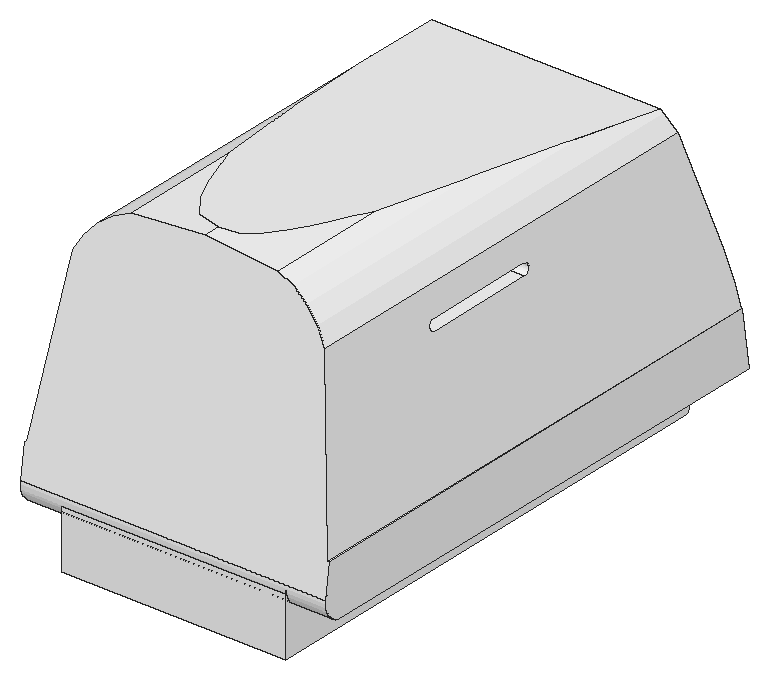
Revit family "NBS_DudleyIndustries_TltPprBulkDpnsrs_PlatinumRange_ToiletPaperDispenser", category Specialty Equipment, host Face, Revit 2016
Family settings
  Host = Face
  Part Type = Normal
  Round Connector Dimension = Use Diameter
  OmniClass Number = 23.40.20.21.21
  OmniClass Title = Toilet Paper Dispensers
  Cut with Voids When Loaded = No
  Shared = No
  Room Calculation Point = No
Parameters (values of type "PlatinumRangeToiletPaperDispenser ")
  WarrantyStartDate [instance] = "1900-12-31T23:59:59"
  WarrantyGuarantorParts = "sales@dudleyindustries.com"
  WarrantyGuarantorLabor = "n/a"
  WarrantyDurationUnit = "year"
  WarrantyDurationParts = "1"
  WarrantyDurationLabor = "n/a"
  WarrantyDescription = "1 year warranty"
  Version = "2"  # constant formula
  Uniclass2015Version = "Products v1.7"
  Uniclass2015Title = "Toilet paper dispensers"
  Uniclass2015Code = "Pr_40_70_22_90"
  TagNumber [instance] = "n/a"
  SustainabilityPerformance = "n/a"
  Style = "n/a"
  Size = "162 x 280 x 172 mm"
  Shape = "n/a"
  SerialNumber [instance] = "n/a"
  Revision = "n/a"
  ReplacementCost = "n/a"
  ProductInformation = "www.dudleyindustries.com/wp-content/uploads/2016/11/2-Roll-Toilet-Paper-Dispenser-1.pdf"
  Operation = "Pull out"
  NominalWidth = 162 mm  # constant formula
  NominalLength = NominalWidth  # 162 mm
  NominalHeight = 280 mm  # constant formula
  NominalDepth = 172 mm  # constant formula
  Name = "ToiletPaperBulkDispensers_PlatinumRange_ToiletPaperDispenser_DudleyIndustries"
  NBSTypeID = "n/a"
  NBSReference = "45-35-72/366"
  NBSOfficeMasterTag = "n/a"
  NBSNote = "n/a"
  NBSDescription = "Toilet paper bulk dispensers"
  NBSCertification = "www.nationalbimlibrary.com/cert/yeyya5fs"
  ModelReference = "Platinum range: Toilet Paper Dispenser"
  ModelNumber = "77019"
  MaterialsFinishColour = "Brushed/Lacquered (77019CB)"
  MaterialsBody = "Stainless Steel"
  Material = "Stainless Steel"
  ManufacturerURL = "www.dudleyindustries.com/"
  ManufacturerName = "Dudley Industries"  # constant formula
  Manufacturer = "sales@dudleyindustries.com"
  MainColor = "Stainless Steel"
  IntegralAccessories = "n/a"
  InstallationDate [instance] = "1900-12-31T23:59:59"
  IfcExportType = "NOTDEFINED"  # constant formula
  IfcExportAs = "IfcFurnitureType"  # constant formula
  Grade = "n/a"
  Form = "Wall mounted"
  Finish = "Brushed/Lacquered (77019CB)"
  Features = "n/a"
  ExpectedLife = "5"
  EnvironmentalProductDeclaration = "n/a"
  DurationUnit = "year"
  DispenserLockMaterial = NBS_Concept
  DispenserCaseMaterial = NBS_Concept
  Description = "2 roll toilet paper dispenser"
  Default Elevation = 1200 mm
  Constituents = "n/a"
  Color = "Stainless steel"
  CodePerformance = "n/a"
  Category = "Pr_40_70_22_90:Toilet paper dispensers"
  BarCode [instance] = "n/a"
  BIMObjectName = "NBS_DudleyIndustries_ToiletPaperBulkDispensers_Platinumrange_ToiletPaperDispenser"
  Author = "NBS"  # constant formula
  AssetType = "Fixed"
  AssetIdentifier [instance] = "n/a"
  AccessibilityPerformance = "n/a"
Reference planes
  plane 1 "Center (Front/Back)": y = 0
  plane 2: z = 0
  plane 3 "Center (Left/Right)": x = 0
  plane 4: x = 81
  plane 5: x = -81
  plane 6: y = 140
  plane 7: y = -140
  plane 8: z = 172
  plane 9: through (-81, 140, 23.722) normal (0, -0.9903, -0.1392)
  plane 10: through (-81, 132.927, 74.047) normal (0, -0.9511, -0.309)
  plane 11: through (-81, 0, 164.679) normal (0, -0.0616, -0.9981)
  plane 12: through (-81, 0, 164.679) normal (0, 0.1045, 0.9945)
  plane 13: through (-81, -118.658, 172) normal (0, 0.9877, -0.1564)
  plane 14: z = 22.952
  plane 15: y = 126.877
  plane 16: through (-81, -140, 37.253) normal (0, -0.9877, 0.1564)
  plane 17: through (-81, -95.389, 170.564) normal (0, 0.0668, 0.9978)
  plane 18: through (-81, 50.634, 159.358) normal (0, 0.1045, 0.9945)
  plane 19: through (-81, 108.541, 149.1) normal (0, 0.9511, 0.309)
  plane 20: through (-81, 136.464, 48.885) normal (0, 0.9903, 0.1392)
  plane 21: z = 22.952
  plane 22 "Lock": through (0, 140.108, 22.952) normal (0, -0.9903, -0.1392)
Forms (mm)
  Extrusion 1, solid, material "NBS_Concept" <- "DispenserCaseMaterial", detail levels coarse
    sketch origin (-81, 0, 0) x (0, 1, 0) y (0, 0, 1)
      loop
        line (-118.658, 172) -> (-140, 37.253) -> (-140, 0) -> (140, 0) -> (140, 23.722) -> (132.927, 74.047) -> (107.138, 153.419) -> (0, 164.679) -> (-118.658, 172)
    from 0 to 162
  Extrusion 2, solid, material "NBS_Concept" <- "DispenserCaseMaterial", detail levels medium+fine
    sketch origin (-81, 0, 0) x (0, 1, 0) y (0, 0, 1)
      loop
        line (-140, 0) -> (124.877, 0)
        arc (124.877, 0) -> (126.291, 0.586) -> (126.877, 2) r 2
        line (126.877, 2) -> (126.877, 22.952) -> (-129.549, 22.952)
        arc (-129.549, 22.952) -> (-136.939, 26.013) -> (-140, 33.403) r 10.451
        line (-140, 33.403) -> (-140, 0)
    from 21.791 to 140.791
  Extrusion 3, solid, material "NBS_Concept" <- "DispenserCaseMaterial", detail levels medium+fine
    sketch origin (-81, 0, 0) x (0, 1, 0) y (0, 0, 1)
      loop
        arc (-140.243, 35.718) -> (-137.734, 26.822) -> (-129.34, 22.952) r 11.039
        line (-129.34, 22.952) -> (140.108, 22.952) -> (134.252, 64.619)
        arc (134.252, 64.619) -> (132.522, 73.954) -> (129.985, 83.103) r 108.831
        line (129.985, 83.103) -> (107.138, 153.419)
        arc (107.138, 153.419) -> (-5.579, 164.844) -> (-118.639, 172.122) r 3083.719
        line (-118.639, 172.122) -> (-140.243, 35.718)
    from 0 to 162
  Extrusion 4, void, detail levels medium+fine
    sketch origin (0, 0, 0) x (1, 0, 0) y (0, 0, 1)
      loop
        line (-81, 53.225) -> (-80.124, 53.225) -> (-67.003, 143.022)
        arc (-67.003, 143.022) -> (-55.428, 158.634) -> (-38.719, 168.558) r 49.29
        arc (-38.719, 168.558) -> (-19.439, 171.119) -> (0, 171.712) r 191.668
        arc (0, 171.712) -> (19.439, 171.119) -> (38.719, 168.558) r 191.668
        arc (38.719, 168.558) -> (55.428, 158.634) -> (67.003, 143.022) r 49.29
        line (67.003, 143.022) -> (80.151, 53.037) -> (81, 53.037) -> (81, 177.415) -> (-81, 177.415) -> (-81, 53.225)
    from -140 to 140
  Extrusion 5, solid, material "NBS_Concept" <- "DispenserLockMaterial", detail levels medium+fine
    sketch origin (0, 140.558, 19.754) x (0, 0.139173, -0.990268) y (1, 0, 0)
      loop
        circle (-35.646, 0.313) r 12.646
      loop
        circle (-35.646, 0.313) r 10
      loop
        circle (-35.958, 0.313) r 6.593
      loop
        circle (-38.867, 0.259) r 1.24
      loop
        circle (-32.834, 0.337) r 1.24
    from 0 to 3.537
  Extrusion 6, void
    sketch origin (-81, 0, 0) x (0, 1, 0) y (0, 0, 1)
      loop
        arc (-54.439, 128) -> (-57.439, 125) -> (-54.439, 122) r 3
        line (-54.439, 122) -> (5.561, 122)
        arc (5.561, 122) -> (8.561, 125) -> (5.561, 128) r 3
        line (5.561, 128) -> (-54.439, 128)
    from 0 to 162
Cuts and joins
  Extrusion 4, Extrusion 6 cuts Extrusion 1
  Extrusion 4, Extrusion 6 cuts Extrusion 3
Dimensions and locks
  "NominalWidth": plane 5 to plane 4
  "NominalHeight": plane 7 to plane 6
  "NominalDepth": plane 8 to plane 2
  aligned and locked: plane 2 to host face
  aligned and locked: level to host face
  aligned and locked: Extrusion 1 sketch curve to plane 13
  aligned and locked: Extrusion 1 sketch curve to plane 12
  aligned and locked: Extrusion 1 sketch curve to plane 11
  aligned and locked: Extrusion 1 sketch curve to plane 10
  aligned and locked: Extrusion 1 sketch curve to plane 9
  aligned and locked: Extrusion 1 to plane 5
  aligned and locked: plane 4 to Extrusion 1
  aligned and locked: Extrusion 2 sketch curve to plane 14
  aligned and locked: Extrusion 2 sketch curve to plane 15
  aligned and locked: Extrusion 3 sketch curve to plane 16
  aligned and locked: Extrusion 3 sketch curve to plane 21
  aligned and locked: Extrusion 3 sketch curve to plane 20
  aligned and locked: Extrusion 3 sketch curve to plane 19
  aligned and locked: Extrusion 3 to plane 5
  aligned and locked: plane 4 to Extrusion 3
  aligned and locked: Extrusion 4 to plane 6
  aligned and locked: plane 7 to Extrusion 4
  aligned and locked: cut or joined group of Extrusion 1, Extrusion 4, Extrusion 6 to Extrusion 5
  aligned and locked: Extrusion 6 to plane 5
  aligned and locked: plane 4 to Extrusion 6
Automatic sketch dimensions
  host sketch curve to host sketch curve = 357.023 mm
  host sketch curve to host sketch curve = 441.12 mm
  Extrusion 1 sketch curve to plane 7 = 0 mm
  Extrusion 1 sketch curve to plane 6 = 0 mm
  Extrusion 1 sketch curve to level = 0 mm
  Extrusion 2 sketch curve to level = 0 mm
  Extrusion 2 sketch curve to plane 7 = 0 mm  (x2)
  Extrusion 2 sketch curve to plane 7 = 10.451 mm
  Extrusion 2 sketch curve to plane 15 = 2 mm
  Extrusion 2 sketch curve to Extrusion 2 sketch curve = 0 mm
  Extrusion 3 sketch curve to plane 17 = 0 mm
  Extrusion 3 sketch curve to plane 18 = 0 mm
  Extrusion 3 sketch curve to plane 7 = 10.66 mm
  plane 7 to Extrusion 3 sketch curve = 0.243 mm
  plane 7 to Extrusion 3 sketch curve = 120.155 mm
  Extrusion 3 sketch curve to plane 1 "Center (Front/Back)" = 26.48 mm
  plane 6 to Extrusion 3 sketch curve = 10.015 mm
  plane 6 to Extrusion 3 sketch curve = 5.748 mm
  Extrusion 4 sketch curve to plane 5 = 0 mm
  Extrusion 4 sketch curve to plane 3 "Center (Left/Right)" = 0 mm
  Extrusion 4 sketch curve to plane 4 = 0 mm
  Extrusion 4 sketch curve to Extrusion 4 sketch curve = 0.876 mm
  plane 5 to Extrusion 4 sketch curve = 13.997 mm
  Extrusion 4 sketch curve to plane 3 "Center (Left/Right)" = 22.397 mm
  Extrusion 4 sketch curve to plane 3 "Center (Left/Right)" = 3.879 mm
  plane 3 "Center (Left/Right)" to Extrusion 4 sketch curve = 3.879 mm
  plane 3 "Center (Left/Right)" to Extrusion 4 sketch curve = 22.397 mm
  Extrusion 4 sketch curve to plane 4 = 13.997 mm
  Extrusion 4 sketch curve to plane 4 = 0.849 mm
  Extrusion 4 sketch curve to level = 19.916 mm
  Extrusion 4 sketch curve to Extrusion 4 sketch curve = 0 mm  (x2)
  level to Extrusion 4 sketch curve = 53.037 mm
  level to Extrusion 4 sketch curve = 53.225 mm
  Extrusion 4 sketch curve to plane 8 = 49.951 mm
  Extrusion 4 sketch curve to plane 8 = 28.978 mm  (x2)
  plane 8 to Extrusion 4 sketch curve = 5.415 mm
  Extrusion 4 sketch curve to plane 8 = 3.442 mm
  Extrusion 5 sketch curve to Extrusion 5 sketch curve = 0 mm  (x2)
  plane 3 "Center (Left/Right)" to Extrusion 5 sketch curve = 0.259 mm
  plane 3 "Center (Left/Right)" to Extrusion 5 sketch curve = 0.312 mm  (x2)
  Extrusion 5 sketch curve to Extrusion 5 sketch curve = 2.909 mm
  Extrusion 5 sketch curve to Extrusion 5 sketch curve = 0.313 mm
  plane 3 "Center (Left/Right)" to Extrusion 5 sketch curve = 0.337 mm
  Extrusion 5 sketch curve to Extrusion 5 sketch curve = 2.812 mm
  plane 1 "Center (Front/Back)" to Extrusion 6 sketch curve = 54.439 mm
  Extrusion 6 sketch curve to plane 1 "Center (Front/Back)" = 5.561 mm
  Extrusion 6 sketch curve to plane 8 = 50 mm
  Extrusion 6 sketch curve to Extrusion 6 sketch curve = 3 mm
  radius of Extrusion 5 sketch curve = 12.646 mm
  radius of Extrusion 5 sketch curve = 10 mm
  radius of Extrusion 5 sketch curve = 6.593 mm
  radius of Extrusion 5 sketch curve = 1.24 mm  (x2)
